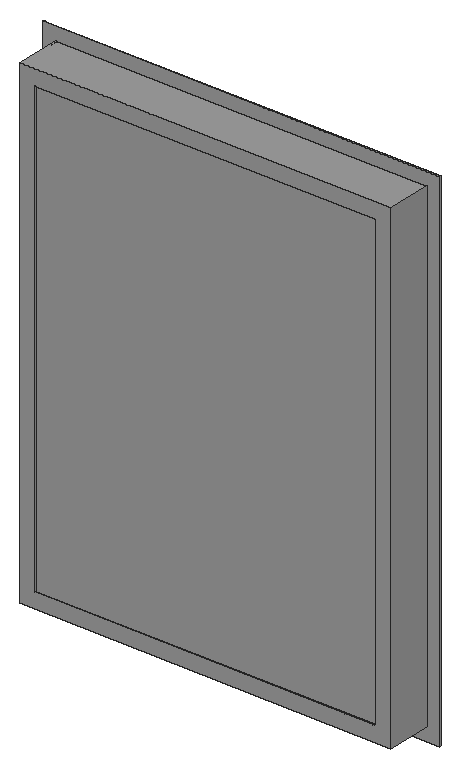
Revit family "Gorter-B_0600-0800", category Generic Models, host Wall, Revit 2017
Family settings
  Host = Wall
  Can host rebar = No
  Round Connector Dimension = Use Diameter
  Part Type = Normal
  Always vertical = Yes
  Cut with Voids When Loaded = No
  Shared = Yes
  Room Calculation Point = No
Parameters (values of type "B-0600-0800")
  wandluik = KTL behandeld staal - RAL9010
  frame = KTL behandeld staal - RAL9010
  draairichting plattegrond = yes
  draairichting aanzicht = yes
  brandwerende vulling = isolatievulling
  afstand tot wand = 2 mm
  Weight (kg) = 34
  URL = "https://www.gortergroup.com/nl/producten/wandluiken-en-plafondluiken/b-brandwerend.html"
  Sparingsmaat B = B + 53 mm  # 853 mm
  Sparingsmaat A = A + 53 mm  # 653 mm
  Model = "Wandluik B, 120 minuten brandwerend"
  El-2 = "60 minuten"
  El-1 = "20 minuten"
  EW = "120 minuten"
  E = "120 minuten"
  Bevestiging = "voorgeboorde bevestigingsgaten"
  B = 800 mm
  A = 600 mm
Types (4, lengths in mm): name | Weight (kg) | Sparingsmaat B | Sparingsmaat A | B | A
  B-0400-0400 | 14 | 453 | 453 | 400 | 400
  B-0600-0600 | 27 | 653 | 653 | 600 | 600
  B-0600-0800 | 34 | 853 | 653 | 800 | 600
  B-0800-0800 | 43 | 853 | 853 | 800 | 800
Reference planes
  plane 1 "Wall": y = 0
  plane 2 "Center (Left/Right)": x = 125
  plane 3 "Back": y = 75
  plane 4: x = -225
  plane 5: x = 475
  plane 6: z = 902
  plane 7: z = 2
  plane 8: x = 425
  plane 9: z = 852
  plane 10: x = -175
  plane 11: z = 52
  plane 12 "voorkant": y = 77
  plane 13: x = 432
  plane 14: z = 2397.5
  plane 15: x = -182
  plane 16: z = 45
  plane 17: z = 859
  plane 18: y = 75.5
  plane 19: z = 452
  plane 20: x = -149
  plane 21: x = -155.5
  plane 22: y = 80
  plane 23: y = 3.5
  plane 24: y = 2
Forms (mm)
  Extrusion 1, void
    sketch origin (0, 0, 0) x (1, 0, 0) y (0, 0, 1)
      loop
        line (451.5, 878.5) -> (-201.5, 878.5) -> (-201.5, 25.5) -> (451.5, 25.5) -> (451.5, 878.5)
    from -75 to 75
  Sweep 2, solid, material "KTL behandeld staal - RAL9010" <- "frame"
    path origin (0, 77, 0) x (-1, 0, 0) y (0, 0, 1)
      loop
        line (-425, 852) -> (-425, 52) -> (175, 52) -> (175, 852) -> (-425, 852)
    profile "B_randprofiel : U_randprofiel" origin (125, 77, 852) x (0, 0, 1) y (0, 1, 0)
      loop
        line (11.5, -63.5) -> (25, -63.5) -> (25, -1.5) -> (11.5, -1.5) -> (11.5, -63.5)
      loop
        line (25, -78.5) -> (0, -78.5) -> (0, -80) -> (26.5, -80) -> (26.5, -69) -> (26.5, -65.25) -> (26.5, -63.25) -> (26.5, -1.5) -> (50, -1.5) -> (50, 0) -> (10, 0) -> (10, -65) -> (25, -65) -> (25, -78.5)
  Sweep 3, solid, material "KTL behandeld staal - RAL9010" <- "wandluik"
    path origin (0, 77, 0) x (-1, 0, 0) y (0, 0, 1)
      loop
        line (-432, 859) -> (-432, 45) -> (182, 45) -> (182, 859) -> (-432, 859)
    profile "B_deurprofiel : U_deurprofiel" origin (125, 77, 859) x (0, 0, 1) y (0, 1, 0)
      loop
        line (-1.5, -1.5) -> (-1.5, -73.5) -> (-20, -73.5) -> (-20, -75) -> (0, -75) -> (0, 0) -> (-20, 0) -> (-20, -1.5) -> (-1.5, -1.5)
  Extrusion 4, solid, material "KTL behandeld staal - RAL9010" <- "wandluik"
    sketch origin (0, 0, 0) x (1, 0, 0) y (0, 0, 1)
      loop
        line (412, 839) -> (-164, 839) -> (-164, 65) -> (412, 65) -> (412, 839)
      loop
        circle (-142.5, 452) r 13.5
    from -77 to -75.5
  Extrusion 5, solid, material "KTL behandeld staal - RAL9010" <- "wandluik"
    sketch origin (0, 77, 0) x (-1, 0, 0) y (0, 0, 1)
      loop
        circle (142.5, 452) r 13.5
    from 0 to 3
  Extrusion 6, solid, material "isolatievulling" <- "brandwerende vulling"
    sketch origin (0, 77, 0) x (-1, 0, 0) y (0, 0, 1)
      loop
        line (180.5, 857.5) -> (-430.5, 857.5) -> (-430.5, 46.5) -> (180.5, 46.5) -> (180.5, 857.5)
    from -73.5 to -1.5
  Extrusion 7, solid, material "KTL behandeld staal - RAL9010" <- "wandluik"
    sketch origin (0, 0, 0) x (1, 0, 0) y (0, 0, 1)
      loop
        line (-162, 839) -> (-162, 65) -> (412, 65) -> (412, 839) -> (-162, 839)
    from -3.5 to -2
Cuts and joins
  joined: Sweep 3, Extrusion 4, Extrusion 5, Extrusion 7
Lines and regions (mm)
  model lines, visible <- "draairichting aanzicht"
    curve 1: line (432, 77, 859) -> (-182, 77, 452)
    curve 2: line (-182, 77, 452) -> (432, 77, 45)
  model lines, visible <- "draairichting plattegrond"
    curve 3: line (432, 77, 52) -> (-140.87, 230.5, 52)
    curve 4: line (-182, 77, 52) -> (-140.87, 230.5, 52)
Text (mm)
  text "Placement Side" at (-1848.837, 1116.779, 0), in view "Ref. Level"
  text "Placement side" at (0, 1409.804, 2854.306), in view "Left"
  text "Placement side" at (0, 499.811, 2980.732), in view "Right"
Dimensions and locks
  locked: plane 3 "Back" to host wall
  "A": plane 10 to plane 8
  locked: plane 8 to plane 5 at 50
  locked: plane 10 to plane 4 at 50
  equal spacing: plane 8, plane 2 "Center (Left/Right)", plane 10
  "B": plane 11 to plane 9
  locked: plane 9 to plane 6 at 50
  locked: plane 7 to plane 11 at 50
  plane 15 to plane 13 = 614 mm
  plane 10 to plane 15 = 7 mm
  plane 8 to plane 13 = 7 mm
  locked: plane 16 to plane 11 at 7
  locked: plane 9 to plane 17 at 7
  locked: plane 12 "voorkant" to plane 18 at 1.5
  "afstand tot wand": plane 12 "voorkant" to plane 3 "Back"
  locked: plane 13 to Extrusion 1 sketch curve at 19.5
  locked: plane 15 to Extrusion 1 sketch curve at 19.5
  locked: plane 17 to Extrusion 1 sketch curve at 19.5
  locked: Extrusion 1 sketch curve to plane 16 at 19.5
  plane 4 to plane 5 = 700 mm
  plane 7 to plane 6 = 900 mm
  equal spacing: plane 7, plane 19, plane 6
  Extrusion 4 sketch curve to plane 19 to Extrusion 4 sketch curve = 13.5 mm locked, 13.5 mm locked
  locked: plane 4 to plane 21 at 69.5
  locked: Extrusion 4 sketch curve to Extrusion 4 sketch curve at 21.5
  locked: plane 22 to plane 12 "voorkant" at 3
  locked: plane 8 to plane 13 at 7
  locked: plane 10 to plane 15 at 7
  locked: plane 18 to plane 23 at 72
  locked: plane 23 to plane 24 at 1.5
  Sweep 2 to Sweep 2 = 653 mm
  locked: curve 3 to plane 12 "voorkant" (angle 15.00°)
  locked: plane 12 "voorkant" to curve 4 (angle 75.00°)
  aligned and locked: plane 1 "Wall" to host wall
  aligned and locked: host wall to Extrusion 1  (x2)
  aligned and locked: plane 9 to Sweep 2 sketch curve
  aligned and locked: Sweep 2 sketch curve to plane 10
  aligned and locked: plane 8 to Sweep 2 sketch curve
  aligned and locked: plane 11 to Sweep 2 sketch curve
  aligned and locked: plane 17 to Sweep 3 sketch curve
  aligned and locked: Sweep 3 sketch curve to plane 13
  aligned and locked: Sweep 3 sketch curve to plane 16
  aligned and locked: Sweep 3 sketch curve to plane 15
  aligned and locked: Extrusion 4 sketch curve to Sweep 3  (x3)
  aligned and locked: plane 12 "voorkant" to Extrusion 4
  aligned and locked: Extrusion 4 to plane 18
  aligned and locked: plane 13 to curve 2
  aligned and locked: plane 16 to curve 2
  aligned and locked: plane 19 to curve 2
  aligned and locked: plane 15 to curve 2
  aligned and locked: plane 13 to curve 1
  aligned and locked: plane 17 to curve 1
  aligned and locked: plane 12 "voorkant" to curve 2  (x2)
  aligned and locked: plane 15 to curve 1
  aligned and locked: plane 13 to curve 3
  aligned and locked: plane 12 "voorkant" to curve 3
  aligned and locked: plane 15 to curve 4
  aligned and locked: plane 12 "voorkant" to curve 4
  aligned and locked: Extrusion 5 sketch curve to cut or joined group of Sweep 3, Extrusion 4, Extrusion 5, Extrusion 7
  aligned and locked: Extrusion 5 to plane 22
  aligned and locked: plane 18 to Extrusion 6
  aligned and locked: Extrusion 6 to plane 23
  aligned and locked: Extrusion 7 sketch curve to cut or joined group of Sweep 3, Extrusion 4, Extrusion 5, Extrusion 7  (x4)
  aligned and locked: plane 23 to Extrusion 7
  aligned and locked: Extrusion 6 to cut or joined group of Sweep 3, Extrusion 4, Extrusion 5, Extrusion 7  (x2)
  aligned and locked: cut or joined group of Sweep 3, Extrusion 4, Extrusion 5, Extrusion 7 to plane 24
Automatic sketch dimensions
  Extrusion 4 sketch curve to plane 21 = 13 mm
  Extrusion 5 sketch curve to plane 19 = 0 mm  (x2)
  plane 13 to Extrusion 6 sketch curve = 1.5 mm
  plane 15 to Extrusion 6 sketch curve = 1.5 mm
  plane 16 to Extrusion 6 sketch curve = 1.5 mm
  Extrusion 6 sketch curve to plane 17 = 1.5 mm
